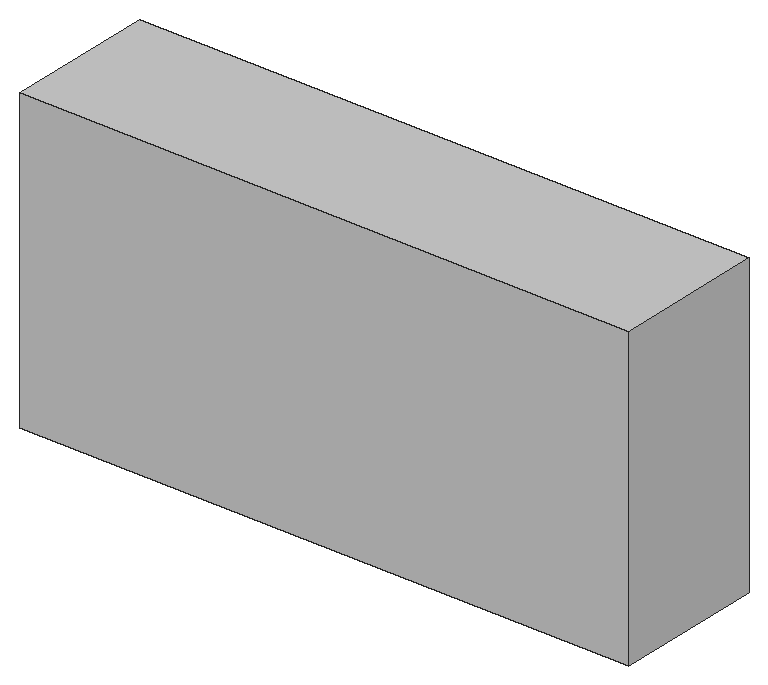
Revit family "混凝土 - 矩形梁", category 结构框架, Revit 2019
Family settings
  显示在隐藏视图中 = 被其他构件隐藏的边缘
  结构框架长度舍入 = 1 mm
  横断面形状 = 未定义
  用于模型行为的材质 = 混凝土
  始终导出为几何图形 = 否
  总是垂直 = 是
  加载时剪切的空心 = 否
  符号表示法 = 从族
  共享 = 否
  在平面视图中显示族的预剪切 = 是
Parameters (values of type "300 x 600mm")
  Structural Material [instance] = 混凝土 - 现场浇注混凝土
  Assembly Code = ""
  Length [instance] = 1524 mm
  b = 300 mm
  h = 600 mm
Types (3, lengths in mm): name | Structural Material | b | h
  (no name) | 混凝土 - 现场浇注混凝土 | 300 | 600
  400 x 800mm | none | 400 | 800
  300 x 600mm | 混凝土 - 现场浇注混凝土 | 300 | 600
Reference planes
  plane 1 "中心(前/后)": y = 0
  plane 2: z = 0
  plane 3 "中心(左/右)": x = 4.61
  plane 4 "左构件": x = -604.99
  plane 5 "右构件": x = 614.21
  plane 6: y = 150
  plane 7: y = -150
  plane 8: z = 300
  plane 9 "底": z = -300
  plane 10 "左": x = -757.39
  plane 11 "右": x = 766.61
Forms (mm)
  Sweep 1, solid, material "混凝土 - 现场浇注混凝土" <- "Structural Material"
    path origin (0, 0, 0) x (1, 0, 0) y (0, 1, 0)
      loop
        line (614.21, 0) -> (-604.99, 0)
    profile "M_矩形梁 - 轮廓 : M_矩形梁 - 轮廓" origin (4.61, 0, 0) x (0, -1, 0) y (0, 0, 1)
      loop
        line (-150, -300) -> (150, -300) -> (150, 300) -> (-150, 300) -> (-150, -300)
Dimensions and locks
  "b": plane 6 to plane 7
  equal spacing: plane 9 "底", plane 2, plane 8
  equal spacing: plane 6, plane 1 "中心(前/后)", plane 7
  "h": plane 9 "底" to plane 8
  "Length": plane 10 "左" to plane 11 "右"
  aligned and locked: Sweep 1 sketch curve to plane 1 "中心(前/后)"
  aligned and locked: plane 4 "左构件" to Sweep 1 sketch curve
  aligned and locked: plane 5 "右构件" to Sweep 1 sketch curve
